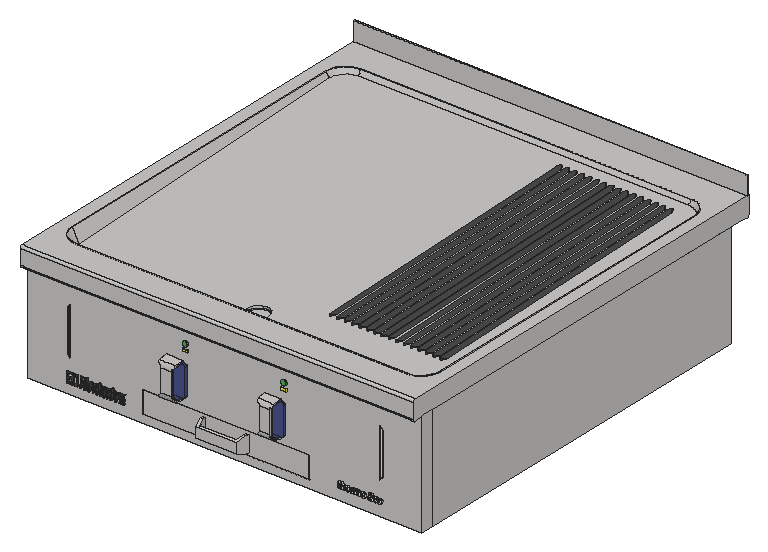
Revit family "QF_ELECTROLUXPROFESSIONAL_588539_MBHOBBHOAO", category Attrezzature speciali, Revit 2020 (continued)
Definition of nested family "Front_Panel_W800_Two Knobs_2Spie"
  Definition of nested family "ELX_Professional_Logo_Small"
    Forms (mm)
      Extrusion 2, solid, material <- "Material_Logo"
        sketch origin (15.5, 0, 0) x (1, 0, 0) y (0, 1, 0)
          loop
            arc (-5.256, -10.376) -> (-4.95, -9.565) -> (-5.108, -8.712) r 1.618
            arc (-5.108, -8.712) -> (-5.448, -8.319) -> (-5.884, -8.035) r 1.876
            arc (-5.884, -8.035) -> (-6.434, -7.789) -> (-6.999, -7.577) r 9.883
            arc (-6.999, -7.577) -> (-7.325, -7.07) -> (-6.854, -6.694) r 0.45
            arc (-6.854, -6.694) -> (-6.329, -6.809) -> (-5.909, -7.143) r 1.197
          loop
            line (1.61, -7.143) -> (2.345, -6.638)
            arc (2.345, -6.638) -> (1.663, -5.974) -> (0.737, -5.755) r 1.782
            arc (0.737, -5.755) -> (0.121, -5.878) -> (-0.425, -6.189) r 1.974
            arc (-0.425, -6.189) -> (-0.683, -6.5) -> (-0.799, -6.888) r 1.013
            arc (-0.799, -6.888) -> (-0.788, -7.341) -> (-0.674, -7.78) r 1.985
            arc (-0.674, -7.78) -> (-0.231, -8.259) -> (0.347, -8.563) r 1.928
            arc (0.347, -8.563) -> (0.881, -8.779) -> (1.387, -9.056) r 5.041
            arc (1.387, -9.056) -> (1.584, -9.387) -> (1.428, -9.74) r 0.42
            arc (1.428, -9.74) -> (0.887, -9.96) -> (0.314, -9.845) r 1.016
            arc (0.314, -9.845) -> (-0.107, -9.603) -> (-0.371, -9.196) r 1.033
            line (-0.371, -9.196) -> (-1.152, -9.686)
            arc (-1.152, -9.686) -> (-0.842, -10.198) -> (-0.39, -10.589) r 1.914
            arc (-0.39, -10.589) -> (0.184, -10.834) -> (0.804, -10.896) r 2.063
            arc (0.804, -10.896) -> (1.572, -10.743) -> (2.263, -10.376) r 2.696
            arc (2.263, -10.376) -> (2.568, -9.565) -> (2.411, -8.712) r 1.618
            arc (2.411, -8.712) -> (2.07, -8.319) -> (1.635, -8.035) r 1.876
            arc (1.635, -8.035) -> (1.084, -7.789) -> (0.519, -7.577) r 9.883
            arc (0.519, -7.577) -> (0.193, -7.07) -> (0.665, -6.694) r 0.45
            arc (0.665, -6.694) -> (1.189, -6.809) -> (1.61, -7.143) r 1.197
          loop
            line (6.801, -5.837) -> (6.801, -10.814) -> (7.825, -10.814) -> (7.825, -5.837) -> (6.801, -5.837)
          loop
            circle (14.724, -8.325) r 1.548
          loop
            circle (14.724, -8.325) r 2.585
          loop
            line (21.59, -10.814) -> (22.623, -10.814) -> (22.623, -7.685) -> (24.9, -10.814) -> (25.895, -10.814) -> (25.895, -5.837) -> (24.861, -5.837) -> (24.861, -9.061) -> (22.585, -5.837) -> (21.59, -5.837) -> (21.59, -10.814)
          loop
            line (31.054, -10.814) -> (31.539, -9.74) -> (33.38, -9.74) -> (33.865, -10.814) -> (34.965, -10.814) -> (32.46, -5.837) -> (29.956, -10.814) -> (31.054, -10.814)
          loop
            line (32.46, -7.698) -> (31.999, -8.719) -> (32.921, -8.719) -> (32.46, -7.698)
          loop
            line (40.047, -9.873) -> (40.047, -5.837) -> (39.024, -5.837) -> (39.024, -10.814) -> (41.961, -10.814) -> (41.961, -9.873) -> (40.047, -9.873)
          loop
            line (-74.986, -10.814) -> (-53.322, -10.814) -> (-53.322, 10.82) -> (-74.986, 10.82) -> (-74.986, -10.814)
          loop
            line (-61.261, 9.758) -> (-61.261, -9.707)
            arc (-61.261, -9.707) -> (-54.066, 0.025) -> (-61.261, 9.758) r 10.18
          loop
            line (-62.251, 8.349) -> (-62.251, 9.758)
            arc (-62.251, 9.758) -> (-70.347, 7.918) -> (-74.247, 0.59) r 9.976
            line (-74.247, 0.59) -> (-71.026, 0.59)
            arc (-71.026, 0.59) -> (-65.274, 2.925) -> (-62.251, 8.349) r 9.351
          loop
            arc (-74.247, -0.539) -> (-70.353, -7.928) -> (-62.251, -9.957) r 10.237
            line (-62.251, -9.957) -> (-62.251, -8.298)
            arc (-62.251, -8.298) -> (-65.274, -2.874) -> (-71.026, -0.539) r 9.351
            line (-71.026, -0.539) -> (-74.247, -0.539)
        from 0 to 1.644
    Dimensions and locks
      aligned and locked: plane 2 to Extrusion 1
      aligned and locked: level to Extrusion 1
Definition of nested family "Rib_D12"
  Parameters
    Show Clearance [instance] = yes
    Model = ""
    Lenght [instance] = 588 mm
    Default Elevation = 0 mm
  Reference planes
    plane 1 "Center (Front/Back)": y = -11.07
    plane 2: z = 0
    plane 3 "Center (Left/Right)": x = 0
    plane 4 "Back": y = 282.93
    plane 5 "Front": y = -305.07
  Forms (mm)
    Extrusion 1, solid
      sketch origin (0, -919.2, 0) x (1, 0, 0) y (0, 1, 0)
        loop
          line (-198.75, 1399.2) -> (-198.75, 386.445) -> (165.741, 386.445) -> (165.741, 1399.2) -> (-198.75, 1399.2)
      from 0 to -59.546
    Extrusion 2, solid
      sketch origin (0, -11.07, -267.484) x (1, 0, 0) y (0, 0, 1)
        loop
          line (-6, 267.484) -> (6, 267.484)
          arc (6, 267.484) -> (0, 269.184) -> (-6, 267.484) r 11.438
      from -294 to 294
    Extrusion 3, void
      sketch origin (0, 0, 0) x (1, 0, 0) y (0, 1, 0)
        loop
          line (-6, 274.93) -> (-2.484, 281.02)
          arc (-2.484, 281.02) -> (0, 282.454) -> (2.484, 281.02) r 2.868
          line (2.484, 281.02) -> (6, 274.93) -> (6, 282.93) -> (-6, 282.93) -> (-6, 274.93)
        loop
          line (-6, -297.07) -> (-6, -305.07) -> (6, -305.07) -> (6, -297.07) -> (2.484, -303.16)
          arc (2.484, -303.16) -> (0, -304.594) -> (-2.484, -303.16) r 2.868
          line (-2.484, -303.16) -> (-6, -297.07)
      from 0 to 2
  Cuts and joins
    Extrusion 3 cuts Extrusion 2
  Lines and regions (mm)
    symbolic lines
      curve 1: line (64.247, -11.07, 0) -> (64.247, -11.07, 4)
      curve 2: line (64.247, -11.07, 4) -> (-64.765, -11.07, 4)
      curve 3: line (-64.765, -11.07, 4) -> (-64.765, -11.07, 0)
      curve 4: line (-40, -11.07, 8) -> (-40, -11.07, 4)
      curve 5: line (40, -11.07, 8) -> (40, -11.07, 4)
      curve 6: line (40, -11.07, 8) -> (-40, -11.07, 8)
      curve 7: line (6, -297.07, 0) -> (6, 274.93, 0)
      curve 8: line (-6, 274.93, 0) -> (-6, -297.07, 0)
      curve 9: line (-6, 274.93, 0) -> (-2.484, 281.02, 0)
      curve 10: line (2.484, 281.02, 0) -> (6, 274.93, 0)
      curve 11: arc (-2.484, 281.02, 0) -> (0, 282.454, 0) -> (2.484, 281.02, 0) r 2.868
      curve 12: line (-2.484, -303.16, 0) -> (-6, -297.07, 0)
      curve 13: arc (2.484, -303.16, 0) -> (0, -304.594, 0) -> (-2.484, -303.16, 0) r 2.868
      curve 14: line (6, -297.07, 0) -> (2.484, -303.16, 0)
  Dimensions and locks
    "Lenght": plane 4 "Back" to plane 5 "Front"
    equal spacing: plane 4 "Back", plane 1 "Center (Front/Back)", plane 5 "Front"
    aligned and locked: plane 2 to Extrusion 1
    aligned and locked: level to Extrusion 1
    aligned and locked: plane 4 "Back" to Extrusion 2
    aligned and locked: Extrusion 2 to plane 5 "Front"
  Automatic sketch dimensions
    curve 3 to level = 0 mm
    curve 1 to level = 0 mm
    level to curve 3 = 4 mm
    curve 3 to plane 3 "Center (Left/Right)" = 64.765 mm
    level to curve 6 = 8 mm
    curve 2 to curve 6 = 24.765 mm
    plane 3 "Center (Left/Right)" to curve 5 = 40 mm
    curve 5 to curve 1 = 24.247 mm
    Extrusion 1 sketch curve to Extrusion 1 sketch curve = 364.491 mm
    Extrusion 1 sketch curve to Extrusion 1 sketch curve = 1012.755 mm
    Extrusion 3 sketch curve to plane 3 "Center (Left/Right)" = 0 mm  (x2)
    Extrusion 3 sketch curve to plane 3 "Center (Left/Right)" = 2.484 mm  (x2)
    Extrusion 3 sketch curve to plane 3 "Center (Left/Right)" = 6 mm
    Extrusion 3 sketch curve to Extrusion 3 sketch curve = 3.516 mm  (x2)
    plane 3 "Center (Left/Right)" to Extrusion 3 sketch curve = 2.484 mm  (x2)
    plane 3 "Center (Left/Right)" to Extrusion 3 sketch curve = 6 mm
    plane 5 "Front" to Extrusion 3 sketch curve = 0 mm
    Extrusion 3 sketch curve to Extrusion 3 sketch curve = 1.91 mm  (x2)
    Extrusion 3 sketch curve to Extrusion 3 sketch curve = 1.434 mm  (x2)
    Extrusion 3 sketch curve to Extrusion 3 sketch curve = 6.09 mm  (x2)
    Extrusion 3 sketch curve to plane 4 "Back" = 8 mm
    Extrusion 3 sketch curve to Extrusion 3 sketch curve = 0 mm
    Extrusion 3 sketch curve to Extrusion 3 sketch curve = 4.656 mm
    curve 9 to plane 3 "Center (Left/Right)" = 6 mm
    curve 8 to plane 4 "Back" = 8 mm
    curve 9 to plane 3 "Center (Left/Right)" = 2.484 mm
    plane 3 "Center (Left/Right)" to curve 7 = 6 mm
    plane 5 "Front" to curve 8 = 8 mm
    plane 5 "Front" to curve 7 = 8 mm
    curve 7 to plane 4 "Back" = 8 mm
    curve 9 to plane 4 "Back" = 1.91 mm
    plane 3 "Center (Left/Right)" to curve 10 = 2.484 mm
    curve 10 to plane 4 "Back" = 1.91 mm
    curve 11 to curve 9 = 1.434 mm
    curve 12 to plane 3 "Center (Left/Right)" = 2.484 mm
    plane 5 "Front" to curve 12 = 1.91 mm
    curve 13 to plane 3 "Center (Left/Right)" = 0 mm
    curve 13 to curve 13 = 1.434 mm
    plane 5 "Front" to curve 13 = 1.91 mm
    Extrusion 2 sketch curve to plane 3 "Center (Left/Right)" = 0 mm
    Extrusion 2 sketch curve to plane 3 "Center (Left/Right)" = 6 mm
    Extrusion 2 sketch curve to level = 9.738 mm
    Extrusion 2 sketch curve to Extrusion 2 sketch curve = 9.738 mm
